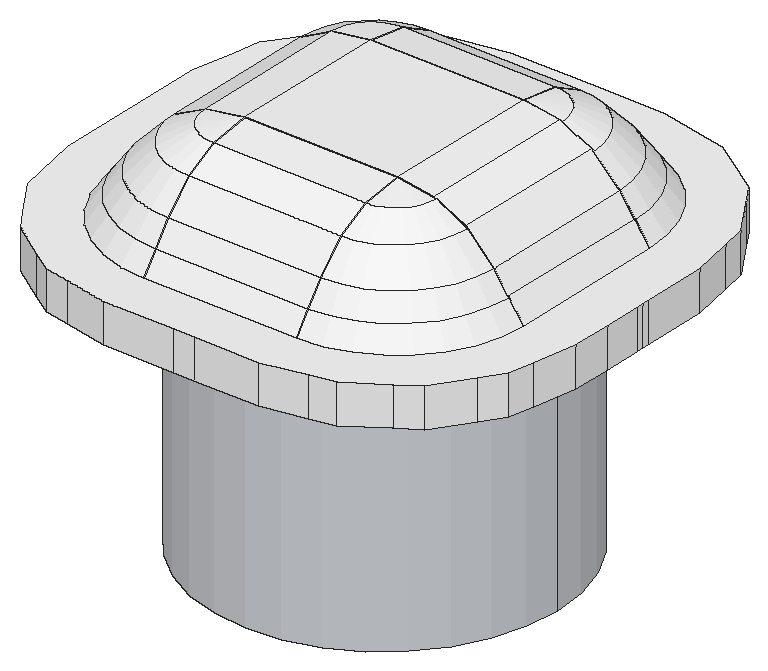
Revit family "2CKA006800A2734", category Electrical Fixtures, host Face, Revit 2014
Parameters
  Default Elevation = 1219.2 mm
Reference planes
  plane 1 "Center (Front/Back)": y = 0
  plane 2: z = 0
  plane 3 "Center (Left/Right)": x = 0
Forms (mm)
  Extrusion 1, solid, material "White", detail levels fine
    sketch origin (-407.065, -292.84, -48) x (1, 0, 0) y (0, 1, 0)
      loop
        line (360.433, 278.59) -> (361.996, 270.73) -> (362.898, 266.198) -> (367.35, 259.535) -> (369.917, 255.692) -> (376.58, 251.24) -> (380.423, 248.673) -> (384.955, 247.771) -> (392.815, 246.208) -> (405.622, 246.208) -> (409.375, 246.208) -> (421.315, 246.208) -> (429.174, 247.771) -> (433.706, 248.673) -> (440.369, 253.125) -> (444.212, 255.692) -> (448.664, 262.355) -> (451.231, 266.198) -> (452.133, 270.73) -> (453.696, 278.59) -> (453.696, 285.804) -> (453.696, 292.558) -> (453.696, 293.947) -> (453.696, 295.151) -> (453.696, 307.09) -> (452.133, 314.949) -> (451.231, 319.482) -> (446.779, 326.145) -> (444.212, 329.987) -> (437.549, 334.439) -> (433.706, 337.007) -> (429.174, 337.908) -> (421.315, 339.471) -> (410.769, 339.471) -> (403.36, 339.471) -> (392.815, 339.471) -> (384.955, 337.908) -> (380.423, 337.007) -> (373.76, 332.555) -> (369.917, 329.987) -> (365.465, 323.324) -> (362.898, 319.482) -> (361.996, 314.949) -> (360.433, 307.09) -> (360.433, 278.59)
    from 48 to 55.2
  Extrusion 2, solid, detail levels medium+fine
    sketch origin (-572.33, -275.12, -48) x (1, 0, 0) y (0, 1, 0)
      loop
        circle (572.33, 275.12) r 31.839
    from 0 to 48
  Extrusion 3, solid, material "White", detail levels fine
    sketch origin (0, 0, -48) x (1, 0, 0) y (0, 0, 1)
      loop
        line (37.19, 55.2) -> (34.327, 59.041) -> (31.638, 62.648) -> (26.481, 67.787) -> (20.728, 70.593) -> (13.999, 71.5) -> (-14, 71.5) -> (-21.202, 70.437) -> (-26.89, 67.501) -> (-31.639, 62.648) -> (-34.454, 58.871) -> (-37.19, 55.2) -> (37.19, 55.2)
    from 14.5 to -14.5
  Revolve 4, solid, material "White", detail levels fine
    sketch origin (0, 14.5, -48) x (1, 0, 0) y (0, 0, 1)
      loop
        line (-14, 71.5) -> (-21.202, 70.437) -> (-26.89, 67.501) -> (-31.639, 62.648) -> (-34.454, 58.871) -> (-37.19, 55.2) -> (-14, 55.2) -> (-14, 71.5)
      axis (-14, 55.2) -> (-14, 71.5)
    angle from 0 to 90
  Revolve 5, solid, material "White", detail levels fine
    sketch origin (0, -14.5, -48) x (-1, 0, 0) y (0, 0, 1)
      loop
        line (-14, 71.5) -> (-21.202, 70.437) -> (-26.89, 67.501) -> (-31.639, 62.648) -> (-34.454, 58.871) -> (-37.19, 55.2) -> (-14, 55.2) -> (-14, 71.5)
      axis (-14, 55.2) -> (-14, 71.5)
    angle from 0 to 90
  Revolve 6, solid, material "White", detail levels fine
    sketch origin (13.999, 0.5, -48) x (0, -1, 0) y (0, 0, 1)
      loop
        line (-14, 71.5) -> (-21.202, 70.437) -> (-26.89, 67.501) -> (-31.639, 62.648) -> (-34.454, 58.871) -> (-37.19, 55.2) -> (-14, 55.2) -> (-14, 71.5)
      axis (-14, 55.2) -> (-14, 71.5)
    angle from 0 to 90
  Revolve 7, solid, material "White", detail levels fine
    sketch origin (-14, -0.5, -48) x (0, 1, 0) y (0, 0, 1)
      loop
        line (-14, 71.5) -> (-21.202, 70.437) -> (-26.89, 67.501) -> (-31.639, 62.648) -> (-34.454, 58.871) -> (-37.19, 55.2) -> (-14, 55.2) -> (-14, 71.5)
      axis (-14, 55.2) -> (-14, 71.5)
    angle from 0 to 90
  Extrusion 8, solid, material "White", detail levels fine
    sketch origin (13.999, 0.5, -48) x (0, -1, 0) y (0, 0, 1)
      loop
        line (-21.202, 70.437) -> (-26.89, 67.501) -> (-31.639, 62.648) -> (-34.454, 58.871) -> (-37.19, 55.2) -> (-14, 55.2) -> (-14, 71.5) -> (-21.202, 70.437)
      loop
        line (32.639, 62.648) -> (27.89, 67.501) -> (22.202, 70.437) -> (15, 71.5) -> (15, 55.2) -> (38.191, 55.2) -> (35.454, 58.871) -> (32.639, 62.648)
    from 0 to 27.999
  Extrusion 9, solid, material "White", detail levels medium
    sketch origin (0, 0, 0) x (1, 0, 0) y (0, 1, 0)
      loop
        line (46.632, 46.632) -> (-46.632, 46.632) -> (-46.632, -46.632) -> (46.632, -46.632) -> (46.632, 46.632)
    from 0 to 7.2
  Extrusion 10, solid, material "White", detail levels medium
    sketch origin (0, 0, 0) x (1, 0, 0) y (0, 1, 0)
      loop
        line (37.19, 37.69) -> (-37.19, 37.69) -> (-37.19, -37.69) -> (37.19, -37.69) -> (37.19, 37.69)
    from 0 to 23.5
  Extrusion 11, solid, material "White", detail levels coarse
    sketch origin (0, 0, 0) x (1, 0, 0) y (0, 1, 0)
      loop
        line (-46.632, 46.632) -> (-46.632, -46.632) -> (46.632, -46.632) -> (46.632, 46.632) -> (-46.632, 46.632)
    from -48 to 23.5
Dimensions and locks
  aligned and locked: plane 2 to host face
  aligned and locked: level to host face
